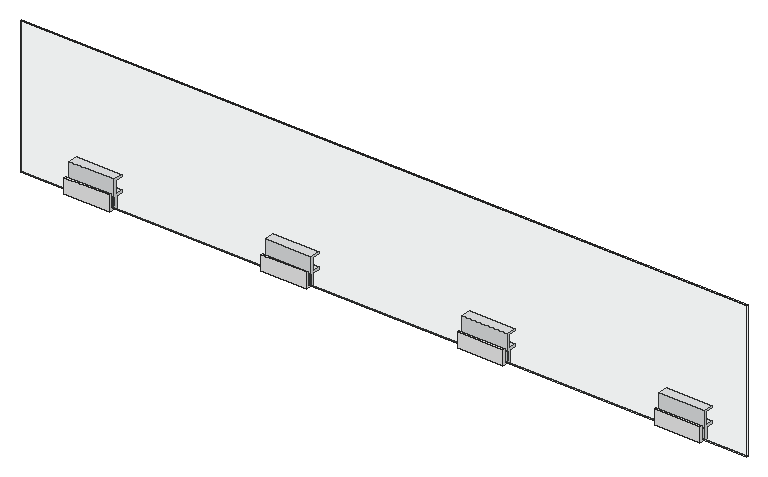
Revit family "Clarus_Divide Thinline_Side Clamp_R20", category Furniture, host Face, Revit 2020
Family settings
  Host = Face
  Cut with Voids When Loaded = No
  Shared = No
  Room Calculation Point = No
Parameters (values of type "6" Clamp - 96" Width")
  Width = 96"
  URL = "https://www.clarus.com/"
  TRC Standards [instance] = "http://therevitcollection.com/news/trc-news-the-revit-collection-standards-explained/"
  SingleArrayVis = Clamp Quantity < 2  # no
  Product URL = "https://www.clarus.com/divide-thinline/"
  MultiArrayVis = not(SingleArrayVis)  # yes
  More Revit Families! [instance] = "www.therevitcollection.com"
  Modeled By = "Commense Studio"  # constant formula
  Model = "Divide ThinLine"  # constant formula
  Max Height = if(Glass Thickness = 1" / 4, 30", if(Glass Thickness = 1" / 2, 20", 30"))  # 30"
  Manufacturer = "Clarus"  # constant formula
  Height Control = if(Height > Max Height, Max Height, Height)  # 18"
  Edge Offset = 6"  # constant formula
  Clarus Clamp [instance] = Clarus White
  Description = "Buckle down on your workspace challenges with Divide ThinLine from Clarus®. This beautifully\r\nengineered desk divider system boasts clean lines that won’t harm your existing offi ce furniture.\r\nSince no drilling is involved and all hardware screws are strategically hidden inside the clamps,\r\nDivide ThinLine seamlessly integrates and reduces visual distractions in your offi ce, all while\r\nmaintaining the overall aesthetic. Using this new patent pending state-of-the-art clamping system,\r\nDivide ThinLine can be easily installed at the back, side or along the center of a desk, giving you the\r\nfreedom to accommodate power cords, monitor arm att achments and more. You have the option to\r\nmix and match ThinLine Top, ThinLine Side and ThinLine Center hardware on the same table, which\r\nallows you to uniquely divide up your offi ce with stability and style."  # constant formula
  Height = 18"
  Designer = ""
  Glass Thickness = 1/4"
  Default Elevation = 0"
  Clarus Glass [instance] = Glass
  Clamp Width = 6"
  Clamp Quantity = 4
  Assembly Code = ""
  Array Control = if(Clamp Quantity < 2, 2, Clamp Quantity)  # 4
Types (11): name | Width | SingleArrayVis | MultiArrayVis | Clarus Clamp | Clamp Width | Clamp Quantity | Array Control
  12" Clamp - 36" Width | 36" | yes | no | Clarus Gray | 12" | 1 | 2
  6" Clamp - 36" Width | 36" | no | yes | Clarus Gray | 6" | 2 | 2
  2 1/2" Clamp - 30" Width | 30" | no | yes | Clarus Gray | 2 1/2" | 2 | 2
  6" Clamp - 66" Width | 66" | no | yes | Clarus Gray | 6" | 3 | 3
  6" Clamp - 96" Width | 96" | no | yes | Clarus White | 6" | 4 | 4
  2 1/2" Clamp - 48" Width | 48" | no | yes | Clarus Gray | 2 1/2" | 3 | 3
  2 1/2" Clamp - 66" Width | 66" | no | yes | Clarus Gray | 2 1/2" | 4 | 4
  2 1/2" Clamp - 84" Width | 84" | no | yes | Clarus Gray | 2 1/2" | 5 | 5
  2 1/2" Clamp - 96" Width | 96" | no | yes | Clarus Gray | 2 1/2" | 6 | 6
  12" Clamp - 72" Width | 72" | no | yes | Clarus Gray | 12" | 2 | 2
  12" Clamp - 96" Width | 96" | no | yes | Clarus Gray | 12" | 3 | 3
Reference planes (in)
  plane 1 "Center (Front/Back)": y = 0
  plane 2: z = 0
  plane 3 "Center (Left/Right)": x = 0
  plane 4 "L": x = -48
  plane 5 "R": x = 48
  plane 6 "F": y = -0.25
  plane 7: z = 15
  plane 8: x = -42
  plane 9: x = 42
  plane 10: z = -3
Forms (in)
  Extrusion 1, solid, material "Glass" <- "Clarus Glass"
    sketch origin (0, 0, 0) x (1, 0, 0) y (0, 1, 0)
      loop
        line (-48, 0) -> (-48, -0.25) -> (48, -0.25) -> (48, 0) -> (-48, 0)
    from -3 to 15
Dimensions and locks (in)
  equal spacing: plane 4 "L", plane 3 "Center (Left/Right)", plane 5 "R"
  "Width": plane 4 "L" to plane 5 "R"
  "Glass Thickness": plane 6 "F" to plane 1 "Center (Front/Back)"
  "Height Control": plane 7 to plane 10
  "Edge Offset": plane 4 "L" to plane 8
  "Edge Offset": plane 5 "R" to plane 9
  equal spacing: group 1, group 3, group 4, group 2  (x3)
  locked: level to plane 10 at 3
  aligned and locked: plane 2 to host face
  aligned and locked: level to host face
  aligned and locked: plane 7 to Extrusion 1
  aligned and locked: plane 3 "Center (Left/Right)" to nested 1
  aligned and locked: nested 2 to plane 8
  aligned and locked: plane 9 to nested 3
  aligned and locked: nested 3 to plane 6 "F"
  aligned and locked: plane 6 "F" to nested 2
  aligned and locked: plane 6 "F" to nested 1
  aligned and locked: plane 10 to Extrusion 1
Automatic sketch dimensions
  host sketch curve to host sketch curve = 96"
  host sketch curve to host sketch curve = 47 1/2"
  Extrusion 1 sketch curve to plane 4 "L" = 0"
  Extrusion 1 sketch curve to plane 5 "R" = 0"
  plane 6 "F" to Extrusion 1 sketch curve = 0"
  plane 1 "Center (Front/Back)" to Extrusion 1 sketch curve = 0"
Nested families (in)
  nested 1: "Thinline Side Clamp_R18" at (0, 1.5, 0), Core Finish <- "Clarus Clamp", visible <- "SingleArrayVis", type "Thinline Side Clamp_R18"
    with TRC Standards "http://therevitcollection.com/news/trc-news-the-revit-collection-standards-explained/", More Revit Families! "www.therevitcollection.com", Core Finish Clarus White
  nested 2: "Thinline Side Clamp_R18" at (-39, 1.5, 0), Core Finish <- "Clarus Clamp", visible <- "MultiArrayVis", type "Thinline Side Clamp_R18"
    with TRC Standards "http://therevitcollection.com/news/trc-news-the-revit-collection-standards-explained/", More Revit Families! "www.therevitcollection.com", Core Finish Clarus White
  nested 3: "Thinline Side Clamp_R18" at (39, 1.5, 0), Core Finish <- "Clarus Clamp", visible <- "MultiArrayVis", type "Thinline Side Clamp_R18"
    with TRC Standards "http://therevitcollection.com/news/trc-news-the-revit-collection-standards-explained/", More Revit Families! "www.therevitcollection.com", Core Finish Clarus White
  nested 4: "Thinline Side Clamp_R18" at (-13, 1.5, 0), Core Finish <- "Clarus Clamp", visible <- "MultiArrayVis", type "Thinline Side Clamp_R18"
    with TRC Standards "http://therevitcollection.com/news/trc-news-the-revit-collection-standards-explained/", More Revit Families! "www.therevitcollection.com", Core Finish Clarus White
  nested 5: "Thinline Side Clamp_R18" at (13, 1.5, 0), Core Finish <- "Clarus Clamp", visible <- "MultiArrayVis", type "Thinline Side Clamp_R18"
    with TRC Standards "http://therevitcollection.com/news/trc-news-the-revit-collection-standards-explained/", More Revit Families! "www.therevitcollection.com", Core Finish Clarus White
Definition of nested family "Thinline Side Clamp_R18"
  Parameters (values of type "Thinline Side Clamp_R18")
    Width = 6"
    URL = "https://www.clarus.com/"
    TRC Standards [instance] = "http://therevitcollection.com/news/trc-news-the-revit-collection-standards-explained/"
    Product URL = "https://www.clarus.com/be-shield/"
    More Revit Families! [instance] = "www.therevitcollection.com"
    Modeled By = "Commense Studio"  # constant formula
    Model = "be! Shield"  # constant formula
    Manufacturer = "Clarus"  # constant formula
    Glass Thickness = 1/4"
    Core Finish [instance] = none
    Description = "be! Shield Leg Configs"  # constant formula
    Height = 4 7/16"
    Designer = ""
    Depth = 2"
    Default Elevation = 0"
    Assembly Code = ""
  Reference planes (in)
    plane 1 "Center (Front/Back)": y = 0
    plane 2: z = 0
    plane 3 "Center (Left/Right)": x = 0
    plane 4 "L": x = -3
    plane 5 "R": x = 3
    plane 6 "F": y = -2
    plane 7: y = -1.75
    plane 8: y = -1.5
    plane 9: y = -1.40625
    plane 10: z = -3.25
    plane 11: z = 0.25
  Forms (in)
    Extrusion 1, solid
      sketch origin (0, 0, 0) x (1, 0, 0) y (0, 1, 0)
        loop
          line (-48, 48) -> (-48, -48) -> (48, -48) -> (48, 48) -> (-48, 48)
      from 0 to -12
    Extrusion 2, solid, material <- "Core Finish"
      sketch origin (10.61611, 0, 0) x (0, 0, 1) y (0, -1, 0)
        loop
          line (-1.8125, 1.125) -> (-3, 1.125) -> (-3, 1.75) -> (-1.3125, 1.75) -> (-1.3125, 2) -> (-3.25, 2) -> (-3.25, 0.875) -> (-1.875, 0.875) -> (-1.875, 0) -> (-1.5625, 0) -> (-1.5625, 1) -> (0, 1) -> (0, 0) -> (0.25, 0) -> (0.25, 1.25) -> (-1.8125, 1.25) -> (-1.8125, 1.125)
        loop
          line (-2.9375, 1.40625) -> (-1.875, 1.40625) -> (-1.875, 1.5) -> (-2.9375, 1.5) -> (-2.9375, 1.40625)
      from -13.61611 to -7.61611
  Dimensions and locks (in)
    equal spacing: plane 4 "L", plane 3 "Center (Left/Right)", plane 5 "R"
    "Width": plane 4 "L" to plane 5 "R"
    "Depth": plane 6 "F" to plane 1 "Center (Front/Back)"
    locked: plane 6 "F" to plane 7 at 0.25
    "Glass Thickness": plane 7 to plane 8
    plane 8 to plane 9 = 3/32"
    plane 6 "F" to plane 1 "Center (Front/Back)" = 2"
    aligned and locked: plane 2 to Extrusion 1
    aligned and locked: level to Extrusion 1
    aligned and locked: plane 5 "R" to Extrusion 2
    aligned and locked: Extrusion 2 to plane 4 "L"
    aligned and locked: Extrusion 2 sketch curve to plane 8
    aligned and locked: plane 9 to Extrusion 2 sketch curve
  Automatic sketch dimensions
    Extrusion 1 sketch curve to Extrusion 1 sketch curve = 96"  (x2)
    Extrusion 2 sketch curve to plane 10 = 0"
    Extrusion 2 sketch curve to plane 7 = 0"
    Extrusion 2 sketch curve to plane 1 "Center (Front/Back)" = 0"  (x2)
    Extrusion 2 sketch curve to plane 6 "F" = 0"
    Extrusion 2 sketch curve to level = 0"
    plane 11 to Extrusion 2 sketch curve = 0"
    plane 10 to Extrusion 2 sketch curve = 1/4"
    Extrusion 2 sketch curve to Extrusion 2 sketch curve = 1/16"  (x2)
    Extrusion 2 sketch curve to Extrusion 2 sketch curve = 1 1/16"
    Extrusion 2 sketch curve to Extrusion 2 sketch curve = 0"
    Extrusion 2 sketch curve to Extrusion 2 sketch curve = 1/4"  (x2)
    Extrusion 2 sketch curve to Extrusion 2 sketch curve = 9/16"
    plane 9 to Extrusion 2 sketch curve = 17/32"
    plane 9 to Extrusion 2 sketch curve = 13/32"
    plane 9 to Extrusion 2 sketch curve = 5/32"
